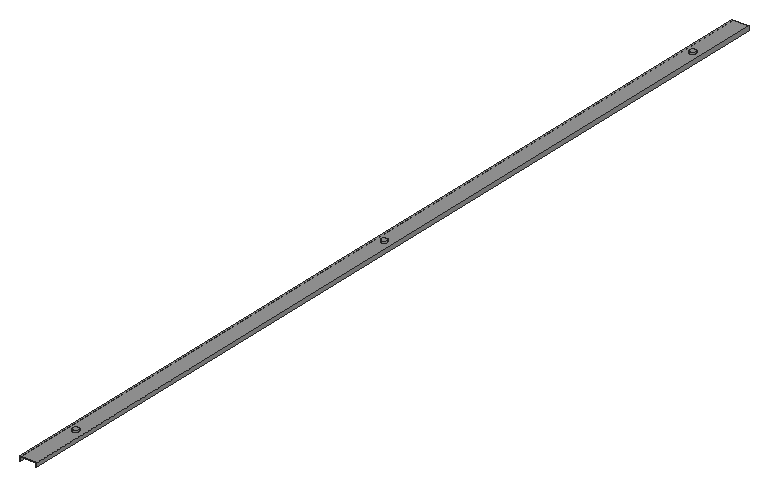
Revit family "Deckel mit Drehriegel_für Kabelrinne und Kabelleiter_NB50", category Generic Models, Revit 2015
Parameters (values of type "DRL 050 FS")
  Width 2 = 27 mm
  Width 1 = 1 mm
  Width = 52 mm
  URL = "http://www.obo-bettermann.com"
  Material = Strip galvanised
  Manufacturer Art.No. = "6052053"
  Manufacturer = "OBO Bettermann"
  Length 2 = 1500 mm
  Length 1 = 200 mm
  Length = 3000 mm
  Height = 13 mm
  GTIN = "4012196057856"
  Article Type = "DRL 050 FS\r\n\r\nDRL 050 FS\r\nDRL 050 FS"
Types (4, lengths in mm): name | Material | Manufacturer Art.No. | GTIN | Article Type
  (no name) | Strip galvanised | "6052053" | "4012196057856" | "DRL 050 FS\r\n\r\nDRL 050 FS\r\nDRL 050 FS"
  DRL 050 FS | Strip galvanised | "6052053" | "4012196057856" | "DRL 050 FS\r\n\r\nDRL 050 FS\r\nDRL 050 FS"
  DRL 050 DD | Strip galvanised zinc/aluminium | "6052700\r\n\r\n6052700\r\n6052700" | "4012196038718" | "DRL 050 DD"
  DRL 050 FT | Hot-dip galvanised | "6051332" | "4012196433995" | "DRL 050 FT"
Reference planes
  plane 1 "Center (Front/Back)": y = 0
  plane 2: z = 0
  plane 3 "Center (Left/Right)": x = 0
  plane 4: y = 3000
  plane 5: z = 16.3
Forms (mm)
  Extrusion 1, solid, material "Strip galvanised" <- "Material"
    sketch origin (0, 0, 0) x (1, 0, 0) y (0, 0, 1)
      loop
        line (-26, 0) -> (-26, 12) -> (26, 12) -> (26, 0) -> (27, 0) -> (27, 13) -> (-27, 13) -> (-27, 0) -> (-26, 0)
    from 0 to -3000
  Extrusion 2, solid, material "Strip galvanised" <- "Material"
    sketch origin (0, 0, 0) x (1, 0, 0) y (0, 1, 0)
      loop
        circle (0, 200) r 10
      loop
        circle (0, 1500) r 10
      loop
        circle (0, 2800) r 10
    from 13 to 16.3
Dimensions and locks
  "Width": Extrusion 1 sketch curve to Extrusion 1 sketch curve
  equal spacing: Extrusion 1 sketch curve, plane 3 "Center (Left/Right)", Extrusion 1 sketch curve, locked at 26 each
  "Width 1": Extrusion 1 sketch curve to Extrusion 1 sketch curve  (x3)
  "Height": Extrusion 1 sketch curve to level
  "Length": plane 1 "Center (Front/Back)" to plane 4
  "Length 1": Extrusion 1 to Extrusion 2 sketch curve  (x2)
  "Width 2": Extrusion 1 to Extrusion 2 sketch curve  (x3)
  "Length 2": plane 1 "Center (Front/Back)" to Extrusion 2 sketch curve
  locked: plane 5 to Extrusion 1 at 3.3
  radius of Extrusion 2 sketch curve = 10 mm  (x3)
  aligned and locked: level to plane 2
  aligned and locked: level to Extrusion 1 sketch curve  (x2)
  aligned and locked: plane 1 "Center (Front/Back)" to Extrusion 1
  aligned and locked: plane 4 to Extrusion 1
  aligned and locked: Extrusion 2 to Extrusion 1
  aligned and locked: plane 5 to Extrusion 2
